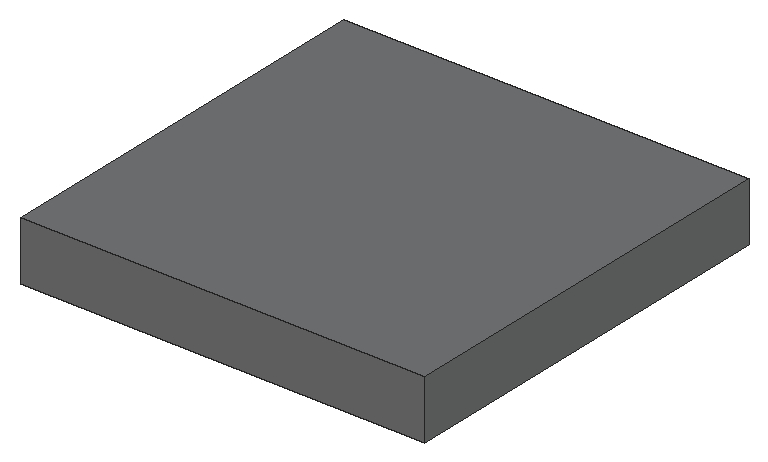
Revit family "Gira_027102", category Electrical Fixtures, host Face, Revit 2017
Family settings
  Host = Face
  Maintain Annotation Orientation = No
  Round Connector Dimension = Use Diameter
  Part Type = Normal
  Cut with Voids When Loaded = No
  Shared = No
  Room Calculation Point = No
Parameters (values of type "Cov. sup.ring btns Ø 22.5 mm System 55 yellow")
  With strain relief = "No"
  With imprint = "No"
  With hinged lid = "No"
  With dust cover = "No"
  Utilization = "Other"
  URL = "http://katalog.gira.de/en/datenblatt.html?artikelnr=027102"
  Type of fastening = "Mounting with screw"
  Transparent = "No"
  Surface protection = "Other"
  Surface finishing = "Glossy"
  Support ring = "Yes"
  Suitable for degree of protection (IP) = "IP20"
  Name = "Cov. sup.ring btns Ø 22.5 mm System 55 yellow"
  Mounting method = "Flush mounted (plaster)"
  Material quality = "Other"
  Material = "Plastic"
  Manufacturer URL = "https://www.gira.de/"
  Manufacturer = "Gira"
  Luster terminal = "No"
  Keynote = ""
  Imprintable label = "Without indication field"
  HeinzeBIM = "https://bimportal.heinze.de/bim/cov-sup-ring-btns-22-5-mm-system-55-yellow/1569bd65899b65712e1fe07ca2e50dc415ea14c1"
  Halogen free = "Yes"
  HAN = "027102"
  GTIN = "4010337271024"
  Description = "Cov.sup.r.btns D22.5mm Sys55 YE,Cover plate with support ring for the insertion of push-buttons and mushroom buttons ( 22.5 mm),,yellow glossy,Features:,- For emergency stop or emergency off.,,Notes :,- For screw mounting only."
  Default Elevation = 1219.2 mm
  Data sheet (1) = "https://katalog.gira.de/en/download.html?artikelnr=027102"
  Colour = "Yellow"
  Category = "Insert/cover for communication technology"
  BIM (1) = "https://media.stage.bim.site/public/gira/36a6b08/Sys55_Abdeckung_Schalten und Tasten.rfa?public/gira/36a6b08/Sys55_Abdeckung_Schalten und Tasten.rfa"
  Available = "No"
  Assembly arrangement = "Central cover plate"
  Anthrazit [instance] = Anthrazit
Reference planes
  plane 1 "Center (Front/Back)": y = 0
  plane 2: z = 0
  plane 3 "Center (Left/Right)": x = 0
Forms (mm)
  Extrusion 1, solid, material "Anthrazit" <- "Anthrazit", detail levels fine
    sketch origin (0, 0, 0) x (1, 0, 0) y (0, 1, 0)
      loop
        line (-27.5, 27.5) -> (-27.5, -27.5) -> (27.5, -27.5) -> (27.5, 27.5) -> (-27.5, 27.5)
    from 0 to 8
  Extrusion 2, void
    sketch origin (0, 0, 0) x (1, 0, 0) y (0, 1, 0)
      loop
        line (26, 26) -> (-26, 26) -> (-26, -26) -> (26, -26) -> (26, 26)
    from 0 to 6
  Extrusion 3, solid, material "Anthrazit" <- "Anthrazit", detail levels medium
    sketch origin (0, 0, 0) x (1, 0, 0) y (0, 1, 0)
      loop
        line (-27.5, 27.5) -> (-27.5, -27.5) -> (27.5, -27.5) -> (27.5, 27.5) -> (-27.5, 27.5)
    from 0 to 8
  Extrusion 4, solid, material "Anthrazit" <- "Anthrazit", detail levels medium
    sketch origin (0, 0, 0) x (1, 0, 0) y (0, 1, 0)
      loop
        line (11, -17.5) -> (11, 17.5) -> (-11, 17.5) -> (-11, -17.5) -> (11, -17.5)
    from -6 to 6
  Extrusion 5, solid, material "Anthrazit" <- "Anthrazit", detail levels fine
    sketch origin (0, 0, 0) x (1, 0, 0) y (0, 1, 0)
      loop
        line (11, 17.5) -> (-11, 17.5) -> (-11, 16.5) -> (11, 16.5) -> (11, 17.5)
      loop
        line (-11, -16.5) -> (-11, -17.5) -> (11, -17.5) -> (11, -16.5) -> (-11, -16.5)
    from -4 to 6
  Extrusion 6, solid, material "Anthrazit" <- "Anthrazit", detail levels fine
    sketch origin (0, 0, 0) x (1, 0, 0) y (0, 1, 0)
      loop
        arc (5, 9.347) -> (0, 10.6) -> (-5, 9.347) r 10.6
        line (-5, 9.347) -> (-5, -9.347)
        arc (-5, -9.347) -> (0, -10.6) -> (5, -9.347) r 10.6
        line (5, -9.347) -> (5, 9.347)
    from -6 to 6
  Extrusion 7, solid, material "Anthrazit" <- "Anthrazit", detail levels coarse
    sketch origin (0, 0, 0) x (1, 0, 0) y (0, 1, 0)
      loop
        line (-27.5, 27.5) -> (-27.5, -27.5) -> (27.5, -27.5) -> (27.5, 27.5) -> (-27.5, 27.5)
    from -6 to 8
Cuts and joins
  Extrusion 2 cuts Extrusion 1
Dimensions and locks
  aligned and locked: plane 2 to host face
  aligned and locked: level to host face
